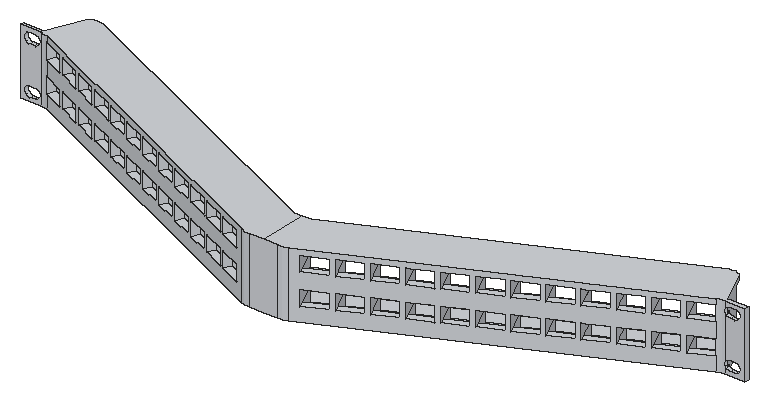
Revit family
Parameters (values of type "TEXT")
  Material ID = "760109736"
  Description = "M4800A 1U Angled Panel, 48 port"
Reference planes (in)
  plane 1 "Center (Front/Back)": y = 0
  plane 2: z = 0
  plane 3 "Center (Left/Right)": x = 0
  plane 4: x = 0
Forms (in)
  Extrusion 1, solid
    sketch origin (0, 0, 0) x (1, 0, 0) y (0, 0, 1)
      loop
        line (0, 1.72) -> (-9.5, 1.72) -> (-9.5, 0) -> (0, 0) -> (9.5, 0) -> (9.5, 1.72) -> (0, 1.72)
    from 0 to 5
  Extrusion 2, void
    sketch origin (0, 0, 0) x (1, 0, 0) y (0, 1, 0)
      loop
        line (0, -3.75) -> (0.22211, -3.75) -> (8.20539, -0.02733)
        arc (8.20539, -0.02733) -> (8.4054, -0.01671) -> (8.56751, -0.13432) r 0.3
        line (8.56751, -0.13432) -> (8.96942, -0.99622) -> (10.67789, -0.99622) -> (10.67789, 1.58554) -> (-10.07211, 1.58554) -> (-10.07211, -1) -> (-8.97119, -1) -> (-8.56751, -0.13432)
        arc (-8.56751, -0.13432) -> (-8.4054, -0.01671) -> (-8.20539, -0.02733) r 0.3
        line (-8.20539, -0.02733) -> (-0.22211, -3.75) -> (0, -3.75)
      loop
        line (0, -5) -> (-0.37185, -5)
        arc (-0.37185, -5) -> (-0.49223, -4.98735) -> (-0.60735, -4.94994) r 0.57899
        line (-0.60735, -4.94994) -> (-8.77297, -1.14225)
        arc (-8.77297, -1.14225) -> (-8.86654, -1.11064) -> (-8.96473, -1.1) r 0.45422
        line (-8.96473, -1.1) -> (-10.07211, -1.1) -> (-10.07211, -6.6) -> (10.67789, -6.6) -> (10.67789, -1.1) -> (8.96473, -1.1)
        arc (8.96473, -1.1) -> (8.86654, -1.11064) -> (8.77297, -1.14225) r 0.45422
        line (8.77297, -1.14225) -> (0.60735, -4.94994)
        arc (0.60735, -4.94994) -> (0.49223, -4.98735) -> (0.37185, -5) r 0.57899
        line (0.37185, -5) -> (0, -5)
    from 0 to 1.72
  Extrusion 3, void
    sketch origin (0, 0, 0) x (1, 0, 0) y (0, 0, 1)
      loop
        line (-9.23838, 0.095) -> (-9.11238, 0.095)
        arc (-9.11238, 0.095) -> (-8.97238, 0.235) -> (-9.11238, 0.375) r 0.14
        line (-9.11238, 0.375) -> (-9.23838, 0.375)
        arc (-9.23838, 0.375) -> (-9.37838, 0.235) -> (-9.23838, 0.095) r 0.14
      loop
        line (-9.23838, 1.345) -> (-9.11238, 1.345)
        arc (-9.11238, 1.345) -> (-8.97238, 1.485) -> (-9.11238, 1.625) r 0.14
        line (-9.11238, 1.625) -> (-9.23838, 1.625)
        arc (-9.23838, 1.625) -> (-9.37838, 1.485) -> (-9.23838, 1.345) r 0.14
    from -1.65585 to 2.00078
  Extrusion 4, void
    sketch origin (0, 0, 0) x (-1, 0, 0) y (0, 0, -1)
      loop
        arc (-9.23838, -0.095) -> (-9.37838, -0.235) -> (-9.23838, -0.375) r 0.14
        line (-9.23838, -0.375) -> (-9.11238, -0.375)
        arc (-9.11238, -0.375) -> (-8.97238, -0.235) -> (-9.11238, -0.095) r 0.14
        line (-9.11238, -0.095) -> (-9.23838, -0.095)
      loop
        arc (-9.23838, -1.345) -> (-9.37838, -1.485) -> (-9.23838, -1.625) r 0.14
        line (-9.23838, -1.625) -> (-9.11238, -1.625)
        arc (-9.11238, -1.625) -> (-8.97238, -1.485) -> (-9.11238, -1.345) r 0.14
        line (-9.11238, -1.345) -> (-9.23838, -1.345)
    from -1.65585 to 3.38016
  Extrusion 5, void, not visible
    sketch origin (-0.5, -5, 0) x (0.906308, -0.422618, 0) y (0, 0, -1)
      loop
        line (-8.77097, -1.065) -> (-8.20097, -1.065) -> (-8.20097, -0.58646) -> (-8.35097, -0.58646) -> (-8.35097, -0.415) -> (-8.61922, -0.415) -> (-8.61922, -0.58646) -> (-8.77097, -0.58646) -> (-8.77097, -1.065)
    from -6.11684 to 3.83475
  Extrusion 6, void
    sketch origin (0, 0, 1.72) x (0, -1, 0) y (-1, 0, 0)
      loop
        line (-0.11011, -8.50014) -> (0.32456, -8.7511) -> (4.25, -0.33296) -> (4.25, 0.33296) -> (0.3609, 8.67317) -> (-0.09226, 8.46186) -> (3.75, 0.22211) -> (3.75, -0.22211) -> (-0.11011, -8.50014)
    from 0.095 to 1.675
  Extrusion 7, void
    sketch origin (-0.5, -5, 0) x (0.906308, -0.422618, 0) y (0, 0, -1)
      loop
        line (-9.1872, -1.57888) -> (-8.5172, -1.57888) -> (-8.5172, -0.87888) -> (-9.1872, -0.87888) -> (-9.1872, -1.57888)
    from 0.20497 to 5.92058
  Extrusion 8, void
    sketch origin (-0.5, -5, 0) x (0.906308, -0.422618, 0) y (0, 0, -1)
      loop
        line (-8.50699, -1.57888) -> (-8.50699, -1.17045) -> (-9.12821, -1.17045) -> (-9.12821, -1.57888) -> (-8.50699, -1.57888)
    from 0 to 4.63738
  Extrusion 9, void
    sketch origin (0.17067, -5.31274, 0) x (0.906308, -0.422618, 0) y (0, 0, -1)
      loop
        line (-9.1872, -1.57888) -> (-8.5172, -1.57888) -> (-8.5172, -0.87888) -> (-9.1872, -0.87888) -> (-9.1872, -1.57888)
    from 0.20497 to 5.92058
  Extrusion 10, void
    sketch origin (0.17067, -5.31274, 0) x (0.906308, -0.422618, 0) y (0, 0, -1)
      loop
        line (-8.50699, -1.57888) -> (-8.50699, -1.17045) -> (-9.12821, -1.17045) -> (-9.12821, -1.57888) -> (-8.50699, -1.57888)
    from 0 to 4.63738
  Extrusion 11, void
    sketch origin (0.84134, -5.62548, 0) x (0.906308, -0.422618, 0) y (0, 0, -1)
      loop
        line (-9.1872, -1.57888) -> (-8.5172, -1.57888) -> (-8.5172, -0.87888) -> (-9.1872, -0.87888) -> (-9.1872, -1.57888)
    from 0.20497 to 5.92058
  Extrusion 12, void
    sketch origin (0.84134, -5.62548, 0) x (0.906308, -0.422618, 0) y (0, 0, -1)
      loop
        line (-8.50699, -1.57888) -> (-8.50699, -1.17045) -> (-9.12821, -1.17045) -> (-9.12821, -1.57888) -> (-8.50699, -1.57888)
    from 0 to 4.63738
  Extrusion 13, void
    sketch origin (1.512, -5.93821, 0) x (0.906308, -0.422618, 0) y (0, 0, -1)
      loop
        line (-9.1872, -1.57888) -> (-8.5172, -1.57888) -> (-8.5172, -0.87888) -> (-9.1872, -0.87888) -> (-9.1872, -1.57888)
    from 0.20497 to 5.92058
  Extrusion 14, void
    sketch origin (1.512, -5.93821, 0) x (0.906308, -0.422618, 0) y (0, 0, -1)
      loop
        line (-8.50699, -1.57888) -> (-8.50699, -1.17045) -> (-9.12821, -1.17045) -> (-9.12821, -1.57888) -> (-8.50699, -1.57888)
    from 0 to 4.63738
  Extrusion 15, void
    sketch origin (2.18267, -6.25095, 0) x (0.906308, -0.422618, 0) y (0, 0, -1)
      loop
        line (-9.1872, -1.57888) -> (-8.5172, -1.57888) -> (-8.5172, -0.87888) -> (-9.1872, -0.87888) -> (-9.1872, -1.57888)
    from 0.20497 to 5.92058
  Extrusion 16, void
    sketch origin (2.18267, -6.25095, 0) x (0.906308, -0.422618, 0) y (0, 0, -1)
      loop
        line (-8.50699, -1.57888) -> (-8.50699, -1.17045) -> (-9.12821, -1.17045) -> (-9.12821, -1.57888) -> (-8.50699, -1.57888)
    from 0 to 4.63738
  Extrusion 17, void
    sketch origin (2.85334, -6.56369, 0) x (0.906308, -0.422618, 0) y (0, 0, -1)
      loop
        line (-9.1872, -1.57888) -> (-8.5172, -1.57888) -> (-8.5172, -0.87888) -> (-9.1872, -0.87888) -> (-9.1872, -1.57888)
    from 0.20497 to 5.92058
  Extrusion 18, void
    sketch origin (2.85334, -6.56369, 0) x (0.906308, -0.422618, 0) y (0, 0, -1)
      loop
        line (-8.50699, -1.57888) -> (-8.50699, -1.17045) -> (-9.12821, -1.17045) -> (-9.12821, -1.57888) -> (-8.50699, -1.57888)
    from 0 to 4.63738
  Extrusion 19, void
    sketch origin (3.52401, -6.87643, 0) x (0.906308, -0.422618, 0) y (0, 0, -1)
      loop
        line (-9.1872, -1.57888) -> (-8.5172, -1.57888) -> (-8.5172, -0.87888) -> (-9.1872, -0.87888) -> (-9.1872, -1.57888)
    from 0.20497 to 5.92058
  Extrusion 20, void
    sketch origin (3.52401, -6.87643, 0) x (0.906308, -0.422618, 0) y (0, 0, -1)
      loop
        line (-8.50699, -1.57888) -> (-8.50699, -1.17045) -> (-9.12821, -1.17045) -> (-9.12821, -1.57888) -> (-8.50699, -1.57888)
    from 0 to 4.63738
  Extrusion 21, void
    sketch origin (4.19467, -7.18916, 0) x (0.906308, -0.422618, 0) y (0, 0, -1)
      loop
        line (-9.1872, -1.57888) -> (-8.5172, -1.57888) -> (-8.5172, -0.87888) -> (-9.1872, -0.87888) -> (-9.1872, -1.57888)
    from 0.20497 to 5.92058
  Extrusion 22, void
    sketch origin (4.19467, -7.18916, 0) x (0.906308, -0.422618, 0) y (0, 0, -1)
      loop
        line (-8.50699, -1.57888) -> (-8.50699, -1.17045) -> (-9.12821, -1.17045) -> (-9.12821, -1.57888) -> (-8.50699, -1.57888)
    from 0 to 4.63738
  Extrusion 23, void
    sketch origin (4.86534, -7.5019, 0) x (0.906308, -0.422618, 0) y (0, 0, -1)
      loop
        line (-9.1872, -1.57888) -> (-8.5172, -1.57888) -> (-8.5172, -0.87888) -> (-9.1872, -0.87888) -> (-9.1872, -1.57888)
    from 0.20497 to 5.92058
  Extrusion 24, void
    sketch origin (4.86534, -7.5019, 0) x (0.906308, -0.422618, 0) y (0, 0, -1)
      loop
        line (-8.50699, -1.57888) -> (-8.50699, -1.17045) -> (-9.12821, -1.17045) -> (-9.12821, -1.57888) -> (-8.50699, -1.57888)
    from 0 to 4.63738
  Extrusion 25, void
    sketch origin (5.53601, -7.81464, 0) x (0.906308, -0.422618, 0) y (0, 0, -1)
      loop
        line (-9.1872, -1.57888) -> (-8.5172, -1.57888) -> (-8.5172, -0.87888) -> (-9.1872, -0.87888) -> (-9.1872, -1.57888)
    from 0.20497 to 5.92058
  Extrusion 26, void
    sketch origin (5.53601, -7.81464, 0) x (0.906308, -0.422618, 0) y (0, 0, -1)
      loop
        line (-8.50699, -1.57888) -> (-8.50699, -1.17045) -> (-9.12821, -1.17045) -> (-9.12821, -1.57888) -> (-8.50699, -1.57888)
    from 0 to 4.63738
  Extrusion 27, void
    sketch origin (6.20668, -8.12738, 0) x (0.906308, -0.422618, 0) y (0, 0, -1)
      loop
        line (-9.1872, -1.57888) -> (-8.5172, -1.57888) -> (-8.5172, -0.87888) -> (-9.1872, -0.87888) -> (-9.1872, -1.57888)
    from 0.20497 to 5.92058
  Extrusion 28, void
    sketch origin (6.20668, -8.12738, 0) x (0.906308, -0.422618, 0) y (0, 0, -1)
      loop
        line (-8.50699, -1.57888) -> (-8.50699, -1.17045) -> (-9.12821, -1.17045) -> (-9.12821, -1.57888) -> (-8.50699, -1.57888)
    from 0 to 4.63738
  Extrusion 29, void
    sketch origin (6.87735, -8.44011, 0) x (0.906308, -0.422618, 0) y (0, 0, -1)
      loop
        line (-9.1872, -1.57888) -> (-8.5172, -1.57888) -> (-8.5172, -0.87888) -> (-9.1872, -0.87888) -> (-9.1872, -1.57888)
    from 0.20497 to 5.92058
  Extrusion 30, void
    sketch origin (6.87735, -8.44011, 0) x (0.906308, -0.422618, 0) y (0, 0, -1)
      loop
        line (-8.50699, -1.57888) -> (-8.50699, -1.17045) -> (-9.12821, -1.17045) -> (-9.12821, -1.57888) -> (-8.50699, -1.57888)
    from 0 to 4.63738
  Extrusion 31, void
    sketch origin (-0.5, -5, -0.8) x (0.906308, -0.422618, 0) y (0, 0, -1)
      loop
        line (-9.1872, -1.57888) -> (-8.5172, -1.57888) -> (-8.5172, -0.87888) -> (-9.1872, -0.87888) -> (-9.1872, -1.57888)
    from 0.20497 to 5.92058
  Extrusion 32, void
    sketch origin (-0.5, -5, -0.8) x (0.906308, -0.422618, 0) y (0, 0, -1)
      loop
        line (-8.50699, -1.57888) -> (-8.50699, -1.17045) -> (-9.12821, -1.17045) -> (-9.12821, -1.57888) -> (-8.50699, -1.57888)
    from 0 to 4.63738
  Extrusion 33, void
    sketch origin (0.17067, -5.31274, -0.8) x (0.906308, -0.422618, 0) y (0, 0, -1)
      loop
        line (-9.1872, -1.57888) -> (-8.5172, -1.57888) -> (-8.5172, -0.87888) -> (-9.1872, -0.87888) -> (-9.1872, -1.57888)
    from 0.20497 to 5.92058
  Extrusion 34, void
    sketch origin (0.17067, -5.31274, -0.8) x (0.906308, -0.422618, 0) y (0, 0, -1)
      loop
        line (-8.50699, -1.57888) -> (-8.50699, -1.17045) -> (-9.12821, -1.17045) -> (-9.12821, -1.57888) -> (-8.50699, -1.57888)
    from 0 to 4.63738
  Extrusion 35, void
    sketch origin (0.84134, -5.62548, -0.8) x (0.906308, -0.422618, 0) y (0, 0, -1)
      loop
        line (-9.1872, -1.57888) -> (-8.5172, -1.57888) -> (-8.5172, -0.87888) -> (-9.1872, -0.87888) -> (-9.1872, -1.57888)
    from 0.20497 to 5.92058
  Extrusion 36, void
    sketch origin (0.84134, -5.62548, -0.8) x (0.906308, -0.422618, 0) y (0, 0, -1)
      loop
        line (-8.50699, -1.57888) -> (-8.50699, -1.17045) -> (-9.12821, -1.17045) -> (-9.12821, -1.57888) -> (-8.50699, -1.57888)
    from 0 to 4.63738
  Extrusion 37, void
    sketch origin (1.512, -5.93821, -0.8) x (0.906308, -0.422618, 0) y (0, 0, -1)
      loop
        line (-9.1872, -1.57888) -> (-8.5172, -1.57888) -> (-8.5172, -0.87888) -> (-9.1872, -0.87888) -> (-9.1872, -1.57888)
    from 0.20497 to 5.92058
  Extrusion 38, void
    sketch origin (1.512, -5.93821, -0.8) x (0.906308, -0.422618, 0) y (0, 0, -1)
      loop
        line (-8.50699, -1.57888) -> (-8.50699, -1.17045) -> (-9.12821, -1.17045) -> (-9.12821, -1.57888) -> (-8.50699, -1.57888)
    from 0 to 4.63738
  Extrusion 39, void
    sketch origin (2.18267, -6.25095, -0.8) x (0.906308, -0.422618, 0) y (0, 0, -1)
      loop
        line (-9.1872, -1.57888) -> (-8.5172, -1.57888) -> (-8.5172, -0.87888) -> (-9.1872, -0.87888) -> (-9.1872, -1.57888)
    from 0.20497 to 5.92058
  Extrusion 40, void
    sketch origin (2.18267, -6.25095, -0.8) x (0.906308, -0.422618, 0) y (0, 0, -1)
      loop
        line (-8.50699, -1.57888) -> (-8.50699, -1.17045) -> (-9.12821, -1.17045) -> (-9.12821, -1.57888) -> (-8.50699, -1.57888)
    from 0 to 4.63738
  Extrusion 41, void
    sketch origin (2.85334, -6.56369, -0.8) x (0.906308, -0.422618, 0) y (0, 0, -1)
      loop
        line (-9.1872, -1.57888) -> (-8.5172, -1.57888) -> (-8.5172, -0.87888) -> (-9.1872, -0.87888) -> (-9.1872, -1.57888)
    from 0.20497 to 5.92058
  Extrusion 42, void
    sketch origin (2.85334, -6.56369, -0.8) x (0.906308, -0.422618, 0) y (0, 0, -1)
      loop
        line (-8.50699, -1.57888) -> (-8.50699, -1.17045) -> (-9.12821, -1.17045) -> (-9.12821, -1.57888) -> (-8.50699, -1.57888)
    from 0 to 4.63738
  Extrusion 43, void
    sketch origin (3.52401, -6.87643, -0.8) x (0.906308, -0.422618, 0) y (0, 0, -1)
      loop
        line (-9.1872, -1.57888) -> (-8.5172, -1.57888) -> (-8.5172, -0.87888) -> (-9.1872, -0.87888) -> (-9.1872, -1.57888)
    from 0.20497 to 5.92058
  Extrusion 44, void
    sketch origin (3.52401, -6.87643, -0.8) x (0.906308, -0.422618, 0) y (0, 0, -1)
      loop
        line (-8.50699, -1.57888) -> (-8.50699, -1.17045) -> (-9.12821, -1.17045) -> (-9.12821, -1.57888) -> (-8.50699, -1.57888)
    from 0 to 4.63738
  Extrusion 45, void
    sketch origin (4.19467, -7.18916, -0.8) x (0.906308, -0.422618, 0) y (0, 0, -1)
      loop
        line (-9.1872, -1.57888) -> (-8.5172, -1.57888) -> (-8.5172, -0.87888) -> (-9.1872, -0.87888) -> (-9.1872, -1.57888)
    from 0.20497 to 5.92058
  Extrusion 46, void
    sketch origin (4.19467, -7.18916, -0.8) x (0.906308, -0.422618, 0) y (0, 0, -1)
      loop
        line (-8.50699, -1.57888) -> (-8.50699, -1.17045) -> (-9.12821, -1.17045) -> (-9.12821, -1.57888) -> (-8.50699, -1.57888)
    from 0 to 4.63738
  Extrusion 47, void
    sketch origin (4.86534, -7.5019, -0.8) x (0.906308, -0.422618, 0) y (0, 0, -1)
      loop
        line (-9.1872, -1.57888) -> (-8.5172, -1.57888) -> (-8.5172, -0.87888) -> (-9.1872, -0.87888) -> (-9.1872, -1.57888)
    from 0.20497 to 5.92058
  Extrusion 48, void
    sketch origin (4.86534, -7.5019, -0.8) x (0.906308, -0.422618, 0) y (0, 0, -1)
      loop
        line (-8.50699, -1.57888) -> (-8.50699, -1.17045) -> (-9.12821, -1.17045) -> (-9.12821, -1.57888) -> (-8.50699, -1.57888)
    from 0 to 4.63738
  Extrusion 49, void
    sketch origin (5.53601, -7.81464, -0.8) x (0.906308, -0.422618, 0) y (0, 0, -1)
      loop
        line (-9.1872, -1.57888) -> (-8.5172, -1.57888) -> (-8.5172, -0.87888) -> (-9.1872, -0.87888) -> (-9.1872, -1.57888)
    from 0.20497 to 5.92058
  Extrusion 50, void
    sketch origin (5.53601, -7.81464, -0.8) x (0.906308, -0.422618, 0) y (0, 0, -1)
      loop
        line (-8.50699, -1.57888) -> (-8.50699, -1.17045) -> (-9.12821, -1.17045) -> (-9.12821, -1.57888) -> (-8.50699, -1.57888)
    from 0 to 4.63738
  Extrusion 51, void
    sketch origin (6.20668, -8.12738, -0.8) x (0.906308, -0.422618, 0) y (0, 0, -1)
      loop
        line (-9.1872, -1.57888) -> (-8.5172, -1.57888) -> (-8.5172, -0.87888) -> (-9.1872, -0.87888) -> (-9.1872, -1.57888)
    from 0.20497 to 5.92058
  Extrusion 52, void
    sketch origin (6.20668, -8.12738, -0.8) x (0.906308, -0.422618, 0) y (0, 0, -1)
      loop
        line (-8.50699, -1.57888) -> (-8.50699, -1.17045) -> (-9.12821, -1.17045) -> (-9.12821, -1.57888) -> (-8.50699, -1.57888)
    from 0 to 4.63738
  Extrusion 53, void
    sketch origin (6.87735, -8.44011, -0.8) x (0.906308, -0.422618, 0) y (0, 0, -1)
      loop
        line (-9.1872, -1.57888) -> (-8.5172, -1.57888) -> (-8.5172, -0.87888) -> (-9.1872, -0.87888) -> (-9.1872, -1.57888)
    from 0.20497 to 5.92058
  Extrusion 54, void
    sketch origin (6.87735, -8.44011, -0.8) x (0.906308, -0.422618, 0) y (0, 0, -1)
      loop
        line (-8.50699, -1.57888) -> (-8.50699, -1.17045) -> (-9.12821, -1.17045) -> (-9.12821, -1.57888) -> (-8.50699, -1.57888)
    from 0 to 4.63738
  Extrusion 55, void
    sketch origin (0.5, -5, 0) x (-0.906308, -0.422618, 0) y (0, 0, 1)
      loop
        line (-9.1872, 1.57888) -> (-9.1872, 0.87888) -> (-8.5172, 0.87888) -> (-8.5172, 1.57888) -> (-9.1872, 1.57888)
    from 0.20497 to 5.92058
  Extrusion 56, void
    sketch origin (0.5, -5, 0) x (-0.906308, -0.422618, 0) y (0, 0, 1)
      loop
        line (-8.50699, 1.57888) -> (-9.12821, 1.57888) -> (-9.12821, 1.17045) -> (-8.50699, 1.17045) -> (-8.50699, 1.57888)
    from 0 to 4.63738
  Extrusion 57, void
    sketch origin (-0.17067, -5.31274, 0) x (-0.906308, -0.422618, 0) y (0, 0, 1)
      loop
        line (-9.1872, 1.57888) -> (-9.1872, 0.87888) -> (-8.5172, 0.87888) -> (-8.5172, 1.57888) -> (-9.1872, 1.57888)
    from 0.20497 to 5.92058
  Extrusion 58, void
    sketch origin (-0.17067, -5.31274, 0) x (-0.906308, -0.422618, 0) y (0, 0, 1)
      loop
        line (-8.50699, 1.57888) -> (-9.12821, 1.57888) -> (-9.12821, 1.17045) -> (-8.50699, 1.17045) -> (-8.50699, 1.57888)
    from 0 to 4.63738
  Extrusion 59, void
    sketch origin (-0.84134, -5.62548, 0) x (-0.906308, -0.422618, 0) y (0, 0, 1)
      loop
        line (-9.1872, 1.57888) -> (-9.1872, 0.87888) -> (-8.5172, 0.87888) -> (-8.5172, 1.57888) -> (-9.1872, 1.57888)
    from 0.20497 to 5.92058
  Extrusion 60, void
    sketch origin (-0.84134, -5.62548, 0) x (-0.906308, -0.422618, 0) y (0, 0, 1)
      loop
        line (-8.50699, 1.57888) -> (-9.12821, 1.57888) -> (-9.12821, 1.17045) -> (-8.50699, 1.17045) -> (-8.50699, 1.57888)
    from 0 to 4.63738
  Extrusion 61, void
    sketch origin (-1.512, -5.93821, 0) x (-0.906308, -0.422618, 0) y (0, 0, 1)
      loop
        line (-9.1872, 1.57888) -> (-9.1872, 0.87888) -> (-8.5172, 0.87888) -> (-8.5172, 1.57888) -> (-9.1872, 1.57888)
    from 0.20497 to 5.92058
  Extrusion 62, void
    sketch origin (-1.512, -5.93821, 0) x (-0.906308, -0.422618, 0) y (0, 0, 1)
      loop
        line (-8.50699, 1.57888) -> (-9.12821, 1.57888) -> (-9.12821, 1.17045) -> (-8.50699, 1.17045) -> (-8.50699, 1.57888)
    from 0 to 4.63738
  Extrusion 63, void
    sketch origin (-2.18267, -6.25095, 0) x (-0.906308, -0.422618, 0) y (0, 0, 1)
      loop
        line (-9.1872, 1.57888) -> (-9.1872, 0.87888) -> (-8.5172, 0.87888) -> (-8.5172, 1.57888) -> (-9.1872, 1.57888)
    from 0.20497 to 5.92058
  Extrusion 64, void
    sketch origin (-2.18267, -6.25095, 0) x (-0.906308, -0.422618, 0) y (0, 0, 1)
      loop
        line (-8.50699, 1.57888) -> (-9.12821, 1.57888) -> (-9.12821, 1.17045) -> (-8.50699, 1.17045) -> (-8.50699, 1.57888)
    from 0 to 4.63738
  Extrusion 65, void
    sketch origin (-2.85334, -6.56369, 0) x (-0.906308, -0.422618, 0) y (0, 0, 1)
      loop
        line (-9.1872, 1.57888) -> (-9.1872, 0.87888) -> (-8.5172, 0.87888) -> (-8.5172, 1.57888) -> (-9.1872, 1.57888)
    from 0.20497 to 5.92058
  Extrusion 66, void
    sketch origin (-2.85334, -6.56369, 0) x (-0.906308, -0.422618, 0) y (0, 0, 1)
      loop
        line (-8.50699, 1.57888) -> (-9.12821, 1.57888) -> (-9.12821, 1.17045) -> (-8.50699, 1.17045) -> (-8.50699, 1.57888)
    from 0 to 4.63738
  Extrusion 67, void
    sketch origin (-3.52401, -6.87643, 0) x (-0.906308, -0.422618, 0) y (0, 0, 1)
      loop
        line (-9.1872, 1.57888) -> (-9.1872, 0.87888) -> (-8.5172, 0.87888) -> (-8.5172, 1.57888) -> (-9.1872, 1.57888)
    from 0.20497 to 5.92058
  Extrusion 68, void
    sketch origin (-3.52401, -6.87643, 0) x (-0.906308, -0.422618, 0) y (0, 0, 1)
      loop
        line (-8.50699, 1.57888) -> (-9.12821, 1.57888) -> (-9.12821, 1.17045) -> (-8.50699, 1.17045) -> (-8.50699, 1.57888)
    from 0 to 4.63738
  Extrusion 69, void
    sketch origin (-4.19467, -7.18916, 0) x (-0.906308, -0.422618, 0) y (0, 0, 1)
      loop
        line (-9.1872, 1.57888) -> (-9.1872, 0.87888) -> (-8.5172, 0.87888) -> (-8.5172, 1.57888) -> (-9.1872, 1.57888)
    from 0.20497 to 5.92058
  Extrusion 70, void
    sketch origin (-4.19467, -7.18916, 0) x (-0.906308, -0.422618, 0) y (0, 0, 1)
      loop
        line (-8.50699, 1.57888) -> (-9.12821, 1.57888) -> (-9.12821, 1.17045) -> (-8.50699, 1.17045) -> (-8.50699, 1.57888)
    from 0 to 4.63738
  Extrusion 71, void
    sketch origin (-4.86534, -7.5019, 0) x (-0.906308, -0.422618, 0) y (0, 0, 1)
      loop
        line (-9.1872, 1.57888) -> (-9.1872, 0.87888) -> (-8.5172, 0.87888) -> (-8.5172, 1.57888) -> (-9.1872, 1.57888)
    from 0.20497 to 5.92058
  Extrusion 72, void
    sketch origin (-4.86534, -7.5019, 0) x (-0.906308, -0.422618, 0) y (0, 0, 1)
      loop
        line (-8.50699, 1.57888) -> (-9.12821, 1.57888) -> (-9.12821, 1.17045) -> (-8.50699, 1.17045) -> (-8.50699, 1.57888)
    from 0 to 4.63738
  Extrusion 73, void
    sketch origin (-5.53601, -7.81464, 0) x (-0.906308, -0.422618, 0) y (0, 0, 1)
      loop
        line (-9.1872, 1.57888) -> (-9.1872, 0.87888) -> (-8.5172, 0.87888) -> (-8.5172, 1.57888) -> (-9.1872, 1.57888)
    from 0.20497 to 5.92058
  Extrusion 74, void
    sketch origin (-5.53601, -7.81464, 0) x (-0.906308, -0.422618, 0) y (0, 0, 1)
      loop
        line (-8.50699, 1.57888) -> (-9.12821, 1.57888) -> (-9.12821, 1.17045) -> (-8.50699, 1.17045) -> (-8.50699, 1.57888)
    from 0 to 4.63738
  Extrusion 75, void
    sketch origin (-6.20668, -8.12738, 0) x (-0.906308, -0.422618, 0) y (0, 0, 1)
      loop
        line (-9.1872, 1.57888) -> (-9.1872, 0.87888) -> (-8.5172, 0.87888) -> (-8.5172, 1.57888) -> (-9.1872, 1.57888)
    from 0.20497 to 5.92058
  Extrusion 76, void
    sketch origin (-6.20668, -8.12738, 0) x (-0.906308, -0.422618, 0) y (0, 0, 1)
      loop
        line (-8.50699, 1.57888) -> (-9.12821, 1.57888) -> (-9.12821, 1.17045) -> (-8.50699, 1.17045) -> (-8.50699, 1.57888)
    from 0 to 4.63738
  Extrusion 77, void
    sketch origin (-6.87735, -8.44011, 0) x (-0.906308, -0.422618, 0) y (0, 0, 1)
      loop
        line (-9.1872, 1.57888) -> (-9.1872, 0.87888) -> (-8.5172, 0.87888) -> (-8.5172, 1.57888) -> (-9.1872, 1.57888)
    from 0.20497 to 5.92058
  Extrusion 78, void
    sketch origin (-6.87735, -8.44011, 0) x (-0.906308, -0.422618, 0) y (0, 0, 1)
      loop
        line (-8.50699, 1.57888) -> (-9.12821, 1.57888) -> (-9.12821, 1.17045) -> (-8.50699, 1.17045) -> (-8.50699, 1.57888)
    from 0 to 4.63738
  Extrusion 79, void
    sketch origin (0.5, -5, -0.8) x (-0.906308, -0.422618, 0) y (0, 0, 1)
      loop
        line (-9.1872, 1.57888) -> (-9.1872, 0.87888) -> (-8.5172, 0.87888) -> (-8.5172, 1.57888) -> (-9.1872, 1.57888)
    from 0.20497 to 5.92058
  Extrusion 80, void
    sketch origin (0.5, -5, -0.8) x (-0.906308, -0.422618, 0) y (0, 0, 1)
      loop
        line (-8.50699, 1.57888) -> (-9.12821, 1.57888) -> (-9.12821, 1.17045) -> (-8.50699, 1.17045) -> (-8.50699, 1.57888)
    from 0 to 4.63738
  Extrusion 81, void
    sketch origin (-0.17067, -5.31274, -0.8) x (-0.906308, -0.422618, 0) y (0, 0, 1)
      loop
        line (-9.1872, 1.57888) -> (-9.1872, 0.87888) -> (-8.5172, 0.87888) -> (-8.5172, 1.57888) -> (-9.1872, 1.57888)
    from 0.20497 to 5.92058
  Extrusion 82, void
    sketch origin (-0.17067, -5.31274, -0.8) x (-0.906308, -0.422618, 0) y (0, 0, 1)
      loop
        line (-8.50699, 1.57888) -> (-9.12821, 1.57888) -> (-9.12821, 1.17045) -> (-8.50699, 1.17045) -> (-8.50699, 1.57888)
    from 0 to 4.63738
  Extrusion 83, void
    sketch origin (-0.84134, -5.62548, -0.8) x (-0.906308, -0.422618, 0) y (0, 0, 1)
      loop
        line (-9.1872, 1.57888) -> (-9.1872, 0.87888) -> (-8.5172, 0.87888) -> (-8.5172, 1.57888) -> (-9.1872, 1.57888)
    from 0.20497 to 5.92058
  Extrusion 84, void
    sketch origin (-0.84134, -5.62548, -0.8) x (-0.906308, -0.422618, 0) y (0, 0, 1)
      loop
        line (-8.50699, 1.57888) -> (-9.12821, 1.57888) -> (-9.12821, 1.17045) -> (-8.50699, 1.17045) -> (-8.50699, 1.57888)
    from 0 to 4.63738
  Extrusion 85, void
    sketch origin (-1.512, -5.93821, -0.8) x (-0.906308, -0.422618, 0) y (0, 0, 1)
      loop
        line (-9.1872, 1.57888) -> (-9.1872, 0.87888) -> (-8.5172, 0.87888) -> (-8.5172, 1.57888) -> (-9.1872, 1.57888)
    from 0.20497 to 5.92058
  Extrusion 86, void
    sketch origin (-1.512, -5.93821, -0.8) x (-0.906308, -0.422618, 0) y (0, 0, 1)
      loop
        line (-8.50699, 1.57888) -> (-9.12821, 1.57888) -> (-9.12821, 1.17045) -> (-8.50699, 1.17045) -> (-8.50699, 1.57888)
    from 0 to 4.63738
  Extrusion 87, void
    sketch origin (-2.18267, -6.25095, -0.8) x (-0.906308, -0.422618, 0) y (0, 0, 1)
      loop
        line (-9.1872, 1.57888) -> (-9.1872, 0.87888) -> (-8.5172, 0.87888) -> (-8.5172, 1.57888) -> (-9.1872, 1.57888)
    from 0.20497 to 5.92058
  Extrusion 88, void
    sketch origin (-2.18267, -6.25095, -0.8) x (-0.906308, -0.422618, 0) y (0, 0, 1)
      loop
        line (-8.50699, 1.57888) -> (-9.12821, 1.57888) -> (-9.12821, 1.17045) -> (-8.50699, 1.17045) -> (-8.50699, 1.57888)
    from 0 to 4.63738
  Extrusion 89, void
    sketch origin (-2.85334, -6.56369, -0.8) x (-0.906308, -0.422618, 0) y (0, 0, 1)
      loop
        line (-9.1872, 1.57888) -> (-9.1872, 0.87888) -> (-8.5172, 0.87888) -> (-8.5172, 1.57888) -> (-9.1872, 1.57888)
    from 0.20497 to 5.92058
  Extrusion 90, void
    sketch origin (-2.85334, -6.56369, -0.8) x (-0.906308, -0.422618, 0) y (0, 0, 1)
      loop
        line (-8.50699, 1.57888) -> (-9.12821, 1.57888) -> (-9.12821, 1.17045) -> (-8.50699, 1.17045) -> (-8.50699, 1.57888)
    from 0 to 4.63738
  Extrusion 91, void
    sketch origin (-3.52401, -6.87643, -0.8) x (-0.906308, -0.422618, 0) y (0, 0, 1)
      loop
        line (-9.1872, 1.57888) -> (-9.1872, 0.87888) -> (-8.5172, 0.87888) -> (-8.5172, 1.57888) -> (-9.1872, 1.57888)
    from 0.20497 to 5.92058
  Extrusion 92, void
    sketch origin (-3.52401, -6.87643, -0.8) x (-0.906308, -0.422618, 0) y (0, 0, 1)
      loop
        line (-8.50699, 1.57888) -> (-9.12821, 1.57888) -> (-9.12821, 1.17045) -> (-8.50699, 1.17045) -> (-8.50699, 1.57888)
    from 0 to 4.63738
  Extrusion 93, void
    sketch origin (-4.19467, -7.18916, -0.8) x (-0.906308, -0.422618, 0) y (0, 0, 1)
      loop
        line (-9.1872, 1.57888) -> (-9.1872, 0.87888) -> (-8.5172, 0.87888) -> (-8.5172, 1.57888) -> (-9.1872, 1.57888)
    from 0.20497 to 5.92058
  Extrusion 94, void
    sketch origin (-4.19467, -7.18916, -0.8) x (-0.906308, -0.422618, 0) y (0, 0, 1)
      loop
        line (-8.50699, 1.57888) -> (-9.12821, 1.57888) -> (-9.12821, 1.17045) -> (-8.50699, 1.17045) -> (-8.50699, 1.57888)
    from 0 to 4.63738
  Extrusion 95, void
    sketch origin (-4.86534, -7.5019, -0.8) x (-0.906308, -0.422618, 0) y (0, 0, 1)
      loop
        line (-9.1872, 1.57888) -> (-9.1872, 0.87888) -> (-8.5172, 0.87888) -> (-8.5172, 1.57888) -> (-9.1872, 1.57888)
    from 0.20497 to 5.92058
  Extrusion 96, void
    sketch origin (-4.86534, -7.5019, -0.8) x (-0.906308, -0.422618, 0) y (0, 0, 1)
      loop
        line (-8.50699, 1.57888) -> (-9.12821, 1.57888) -> (-9.12821, 1.17045) -> (-8.50699, 1.17045) -> (-8.50699, 1.57888)
    from 0 to 4.63738
  Extrusion 97, void
    sketch origin (-5.53601, -7.81464, -0.8) x (-0.906308, -0.422618, 0) y (0, 0, 1)
      loop
        line (-9.1872, 1.57888) -> (-9.1872, 0.87888) -> (-8.5172, 0.87888) -> (-8.5172, 1.57888) -> (-9.1872, 1.57888)
    from 0.20497 to 5.92058
  Extrusion 98, void
    sketch origin (-5.53601, -7.81464, -0.8) x (-0.906308, -0.422618, 0) y (0, 0, 1)
      loop
        line (-8.50699, 1.57888) -> (-9.12821, 1.57888) -> (-9.12821, 1.17045) -> (-8.50699, 1.17045) -> (-8.50699, 1.57888)
    from 0 to 4.63738
  Extrusion 99, void
    sketch origin (-6.20668, -8.12738, -0.8) x (-0.906308, -0.422618, 0) y (0, 0, 1)
      loop
        line (-9.1872, 1.57888) -> (-9.1872, 0.87888) -> (-8.5172, 0.87888) -> (-8.5172, 1.57888) -> (-9.1872, 1.57888)
    from 0.20497 to 5.92058
  Extrusion 100, void
    sketch origin (-6.20668, -8.12738, -0.8) x (-0.906308, -0.422618, 0) y (0, 0, 1)
      loop
        line (-8.50699, 1.57888) -> (-9.12821, 1.57888) -> (-9.12821, 1.17045) -> (-8.50699, 1.17045) -> (-8.50699, 1.57888)
    from 0 to 4.63738
  Extrusion 101, void
    sketch origin (-6.87735, -8.44011, -0.8) x (-0.906308, -0.422618, 0) y (0, 0, 1)
      loop
        line (-9.1872, 1.57888) -> (-9.1872, 0.87888) -> (-8.5172, 0.87888) -> (-8.5172, 1.57888) -> (-9.1872, 1.57888)
    from 0.20497 to 5.92058
  Extrusion 102, void
    sketch origin (-6.87735, -8.44011, -0.8) x (-0.906308, -0.422618, 0) y (0, 0, 1)
      loop
        line (-8.50699, 1.57888) -> (-9.12821, 1.57888) -> (-9.12821, 1.17045) -> (-8.50699, 1.17045) -> (-8.50699, 1.57888)
    from 0 to 4.63738
Cuts and joins
  Extrusion 2, Extrusion 3, Extrusion 4, Extrusion 6, Extrusion 7, Extrusion 8, Extrusion 9, Extrusion 10, Extrusion 11, Extrusion 12, Extrusion 13, Extrusion 14, Extrusion 15, Extrusion 16, Extrusion 17, Extrusion 18, Extrusion 19, Extrusion 20, Extrusion 21, Extrusion 22, Extrusion 23, Extrusion 24, Extrusion 25, Extrusion 26, Extrusion 27, Extrusion 28, Extrusion 29, Extrusion 30, Extrusion 31, Extrusion 32, Extrusion 33, Extrusion 34, Extrusion 35, Extrusion 36, Extrusion 37, Extrusion 38, Extrusion 39, Extrusion 40, Extrusion 41, Extrusion 42, Extrusion 43, Extrusion 44, Extrusion 45, Extrusion 46, Extrusion 47, Extrusion 48, Extrusion 49, Extrusion 50, Extrusion 51, Extrusion 52, Extrusion 53, Extrusion 54, Extrusion 55, Extrusion 56, Extrusion 57, Extrusion 58, Extrusion 59, Extrusion 60, Extrusion 61, Extrusion 62, Extrusion 63, Extrusion 64, Extrusion 65, Extrusion 66, Extrusion 67, Extrusion 68, Extrusion 69, Extrusion 70, Extrusion 71, Extrusion 72, Extrusion 73, Extrusion 74, Extrusion 75, Extrusion 76, Extrusion 77, Extrusion 78, Extrusion 79, Extrusion 80, Extrusion 81, Extrusion 82, Extrusion 83, Extrusion 84, Extrusion 85, Extrusion 86, Extrusion 87, Extrusion 88, Extrusion 89, Extrusion 90, Extrusion 91, Extrusion 92, Extrusion 93, Extrusion 94, Extrusion 95, Extrusion 96, Extrusion 97, Extrusion 98, Extrusion 99, Extrusion 100, Extrusion 101, Extrusion 102 cuts Extrusion 1
Dimensions and locks (in)
  cut or joined group of Extrusion 1, Extrusion 2, Extrusion 3, Extrusion 4, Extrusion 6, Extrusion 7, Extrusion 8, Extrusion 9, Extrusion 10, Extrusion 11, Extrusion 12, Extrusion 13, Extrusion 14, Extrusion 15, Extrusion 16, Extrusion 17, Extrusion 18, Extrusion 19, Extrusion 20, Extrusion 21, Extrusion 22, Extrusion 23, Extrusion 24, Extrusion 25, Extrusion 26, Extrusion 27, Extrusion 28, Extrusion 29, Extrusion 30, Extrusion 31, Extrusion 32, Extrusion 33, Extrusion 34, Extrusion 35, Extrusion 36, Extrusion 37, Extrusion 38, Extrusion 39, Extrusion 40, Extrusion 41, Extrusion 42, Extrusion 43, Extrusion 44, Extrusion 45, Extrusion 46, Extrusion 47, Extrusion 48, Extrusion 49, Extrusion 50, Extrusion 51, Extrusion 52, Extrusion 53, Extrusion 54, Extrusion 55, Extrusion 56, Extrusion 57, Extrusion 58, Extrusion 59, Extrusion 60, Extrusion 61, Extrusion 62, Extrusion 63, Extrusion 64, Extrusion 65, Extrusion 66, Extrusion 67, Extrusion 68, Extrusion 69, Extrusion 70, Extrusion 71, Extrusion 72, Extrusion 73, Extrusion 74, Extrusion 75, Extrusion 76, Extrusion 77, Extrusion 78, Extrusion 79, Extrusion 80, Extrusion 81, Extrusion 82, Extrusion 83, Extrusion 84, Extrusion 85, Extrusion 86, Extrusion 87, Extrusion 88, Extrusion 89, Extrusion 90, Extrusion 91, Extrusion 92, Extrusion 93, Extrusion 94, Extrusion 95, Extrusion 96, Extrusion 97, Extrusion 98, Extrusion 99, Extrusion 100, Extrusion 101, Extrusion 102 to Extrusion 7 sketch curve = 0.18078"
  equal spacing: group 13, group 14, group 15, group 16, group 17, group 18, group 19, group 20, group 21, group 22, group 23, group 24  (x2)
  equal spacing: group 24, group 23, group 22, group 21, group 20, group 19, group 18, group 17, group 16, group 15, group 14, group 13
  equal spacing: group 36, group 35, group 34, group 33, group 32, group 31, group 30, group 29, group 28, group 27, group 26, group 25  (x2)
  equal spacing: group 25, group 26, group 27, group 28, group 29, group 30, group 31, group 32, group 33, group 34, group 35, group 36
  equal spacing: group 48, group 47, group 46, group 45, group 44, group 43, group 42, group 41, group 40, group 39, group 38, group 37  (x2)
  equal spacing: group 37, group 38, group 39, group 40, group 41, group 42, group 43, group 44, group 45, group 46, group 47, group 48
  aligned and locked: level to Extrusion 1 sketch curve
